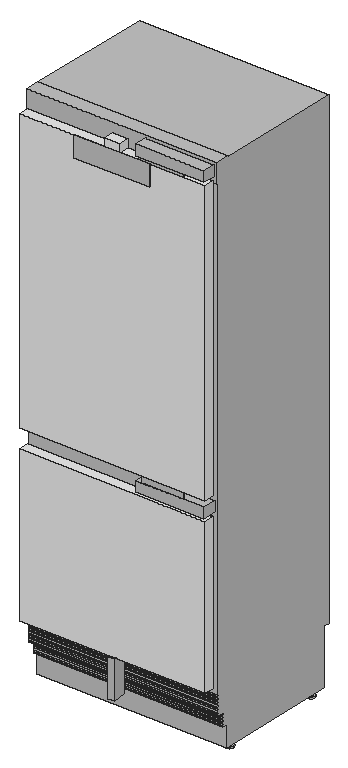
Revit family "FP_Revit_18_RS3084WRU1_Fridge_90001083A", category Specialty Equipment, Revit 2018 (continued)
Definition of nested family "Handle Professional Square - Horizontal"
  Lines and regions (mm)
    sketch lines
      curve 11: arc (-293, -40, -17.5) -> (-290.071, -47.071, -17.5) -> (-283, -50, -17.5) r 10
      curve 12: line (-243, -50, -17.5) -> (-283, -50, -17.5)
  Dimensions and locks
    equal spacing: plane 4 "Product LHS", plane 3 "Center (Left/Right)", plane 5 "Product RHS"
    "Handle - Length": plane 4 "Product LHS" to plane 5 "Product RHS"
    plane 4 "Product LHS" to plane 6 "LHS Standoff" = 50 mm
    plane 7 "RHS Standoff" to plane 5 "Product RHS" = 50 mm
    aligned and locked: level to plane 2
    aligned and locked: plane 5 "Product RHS" to Extrusion 1 sketch curve
    aligned and locked: Extrusion 1 sketch curve to plane 1 "Center (Front/Back)"
    aligned and locked: plane 1 "Center (Front/Back)" to Extrusion 1 sketch curve
    aligned and locked: Extrusion 1 sketch curve to plane 6 "LHS Standoff"
    aligned and locked: Extrusion 1 sketch curve to plane 7 "RHS Standoff"
    aligned and locked: plane 7 "RHS Standoff" to Extrusion 2
    aligned and locked: Extrusion 2 to plane 6 "LHS Standoff"
    aligned and locked: plane 5 "Product RHS" to Extrusion 7 sketch curve
    aligned and locked: Extrusion 7 sketch curve to plane 7 "RHS Standoff"
    aligned and locked: plane 6 "LHS Standoff" to Extrusion 7 sketch curve
    aligned and locked: plane 4 "Product LHS" to Extrusion 7 sketch curve
    aligned and locked: Extrusion 7 sketch curve to plane 1 "Center (Front/Back)"
    aligned and locked: plane 1 "Center (Front/Back)" to Extrusion 7 sketch curve
  Automatic sketch dimensions
    Extrusion 1 sketch curve to plane 4 "Product LHS" = 0 mm
    Extrusion 1 sketch curve to plane 4 "Product LHS" = 10 mm
    plane 5 "Product RHS" to Extrusion 1 sketch curve = 10 mm
    Extrusion 1 sketch curve to Extrusion 1 sketch curve = 40 mm  (x2)
    level to Extrusion 2 sketch curve = 0 mm
    plane 1 "Center (Front/Back)" to Extrusion 2 sketch curve = 61.313 mm
    Extrusion 2 sketch curve to Extrusion 2 sketch curve = 13.513 mm
    Extrusion 2 sketch curve to Extrusion 2 sketch curve = 1.328 mm  (x4)
    Extrusion 2 sketch curve to Extrusion 2 sketch curve = 9.684 mm  (x2)
    Extrusion 2 sketch curve to Extrusion 2 sketch curve = 14.172 mm
    Sweep 3 sketch curve to profile plane = 0 mm  (x2)
    Sweep 3 sketch curve to profile plane = 2.5 mm  (x2)
    Sweep 4 sketch curve to profile plane = 0 mm  (x2)
    Sweep 4 sketch curve to profile plane = 2.5 mm  (x2)
    profile plane to Sweep 5 sketch curve = 0 mm
    Sweep 5 sketch curve to profile plane = 0 mm
    Sweep 5 sketch curve to profile plane = 2.5 mm  (x2)
    profile plane to Sweep 6 sketch curve = 0 mm
    Sweep 6 sketch curve to profile plane = 0 mm
    Sweep 6 sketch curve to profile plane = 2.5 mm  (x2)
    Extrusion 7 sketch curve to plane 4 "Product LHS" = 10 mm
    plane 5 "Product RHS" to Extrusion 7 sketch curve = 10 mm
    plane 1 "Center (Front/Back)" to Extrusion 7 sketch curve = 32 mm
    plane 1 "Center (Front/Back)" to Extrusion 7 sketch curve = 40 mm
Definition of nested family "Visibility Control Note 18"
  Types (3): name
    New
    Resolved
    Active
  Reference planes
    plane 1: y = 0
    plane 2: x = 0
  Text (mm)
    text "Edit Type: \nTo control handle kit \nand door panel visibility\n options\n\nDelete unwanted kits \nto reduce file size" at (-0.165, 35.556, 0)
Types (3, lengths in mm): name | Model
  (no name) | "RS3084WRUK1"
  RS3084WRUK1 | "RS3084WRUK1"
  RS3084WRU1 | "RS3084WRU1"
